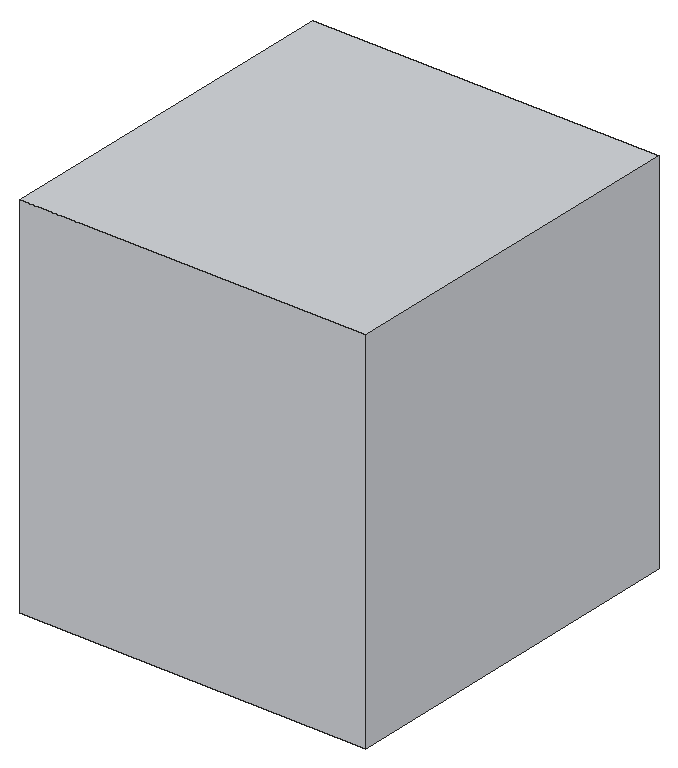
Revit family "Familie3", category Allgemeines Modell, Revit 2024
Family settings
  Kann Basisbauteil für Bewehrung sein = Nein
  Bemaßung runder Anschluss = Durchmesser verwenden
  Teiletyp = Normal
  Arbeitsebenenbasiert = Nein
  Immer vertikal = Ja
  Beim Laden mit Abzugskörper schneiden = Nein
  Beschriftungsausrichtung beibehalten = Nein
  Gemeinsam genutzt = Nein
  Raumberechnungspunkt = Nein
Parameters
  Vorgabe-Ansicht = 0 mm
Reference planes
  plane 1 "Mitte (Vorne/hinten)": y = 0
  plane 2: z = 0
  plane 3 "Mitte (Links/rechts)": x = 0
Forms (mm)
  Extrusion 1, solid
    sketch origin (0, 0, 0) x (1, 0, 0) y (0, 1, 0)
      loop
        line (0, 0) -> (1869.736, 0) -> (1869.736, 1977.582) -> (0, 1977.582) -> (0, 0)
    from 0 to 2000
Dimensions and locks
  aligned and locked: level to plane 2
